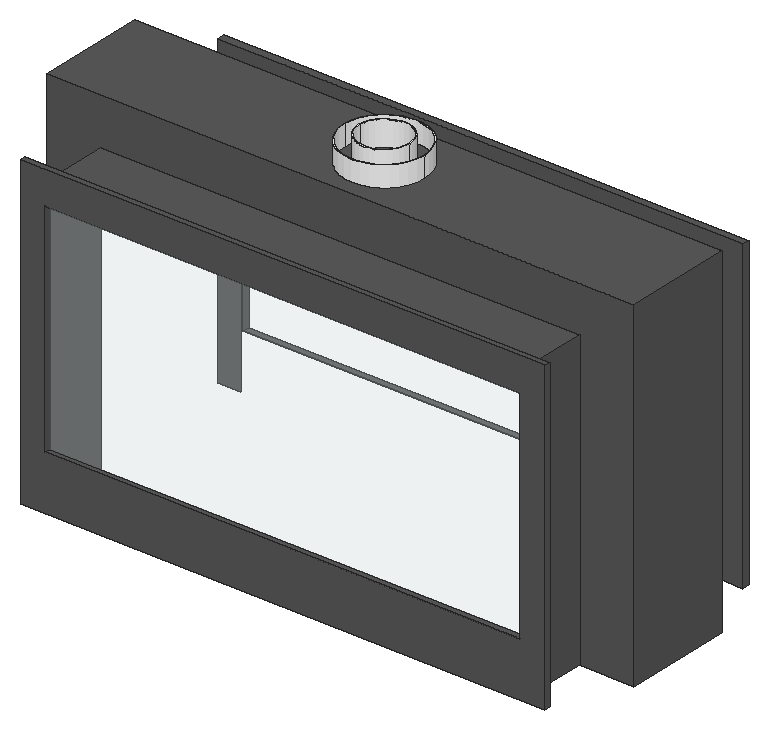
Revit family "L52-ST", category Generic Models, Revit 2019
Family settings
  Can host rebar = No
  Round Connector Dimension = Use Diameter
  Part Type = Normal
  Work Plane-Based = No
  Always vertical = Yes
  Cut with Voids When Loaded = No
  Shared = No
  Room Calculation Point = No
Parameters
  Width = 12 5/16"
  URL = "https://www.montigo.com/"
  Model = ""
  Manufacturer Fax = ""
  Manufacturer Website = "https://www.montigo.com/"
  Manufacturer Phone - Toll Free = "800-378-3115"
  Manufacturer Phone = ""
  Manufacturer Address = "27342 Gloucester Way  Langley, BC, Canada   V4W 4A1"
  Manufacturer = "Montigo"
  Length = 53 7/16"
  Keynote = ""
  Glazing Tint = Glass - Montigo - Tint as Specified
  Frame Material = Metal - Montigo - Black
  Firebox Material = Metal - Montigo - White
  Fire Place Length = 50 5/16"
  Fire Place Height = 24 1/2"
  Fire Place - Opening = 16 9/16"
  Description = "Montigo Fireplace as Specified"
  Base Height = 6 9/16"
Reference planes (in)
  plane 1 "Center (Front/Back)": y = 0
  plane 2: z = 0
  plane 3 "Center (Left/Right)": x = 0
Forms (in)
  Extrusion 1, solid, material "Metal - Montigo - Black" <- "Frame Material"
    sketch origin (0, 0, 0) x (1, 0, 0) y (0, 1, 0)
      loop
        line (-23.672, 11.88935) -> (-23.672, -11.92065) -> (23.672, -11.92065) -> (23.672, 11.88935) -> (-23.672, 11.88935)
    from 0 to 29.25
  Extrusion 2, solid, material "Metal - Montigo - Black" <- "Frame Material"
    sketch origin (0, 0, 0) x (1, 0, 0) y (0, 1, 0)
      loop
        line (-29.091, 5.4545) -> (-29.091, -5.4365) -> (29.091, -5.4365) -> (29.091, 5.4545) -> (-29.091, 5.4545)
    from 0 to 33.875
  Extrusion 3, solid, material "Metal - Montigo - Black" <- "Frame Material"
    sketch origin (0, 0, 0) x (1, 0, 0) y (0, 1, 0)
      loop
        line (-25.97, 11.88935) -> (25.97, 11.88935) -> (25.97, 12.57495) -> (-25.97, 12.57495) -> (-25.97, 11.88935)
    from 0 to 30.53075
  Extrusion 4, solid, material "Metal - Montigo - Black" <- "Frame Material"
    sketch origin (0, 0, 0) x (1, 0, 0) y (0, 1, 0)
      loop
        line (-25.97, -12) -> (-25.97, -12.57495) -> (25.97, -12.57495) -> (25.97, -12) -> (-25.97, -12)
    from 0 to 30.53075
  Extrusion 5, void
    sketch origin (42.25, -6.4375, 0) x (-1, 0, 0) y (0, 0, -1)
      loop
        line (65.75, -27.25) -> (65.75, -5.4375) -> (18.75, -5.4375) -> (18.75, -27.25) -> (65.75, -27.25)
    from 5.48315 to 12
  Extrusion 6, void
    sketch origin (42.25, 6.4375, 0) x (-1, 0, 0) y (0, 0, 1)
      loop
        line (65.75, 27.25) -> (18.75, 27.25) -> (18.75, 5.4375) -> (65.75, 5.4375) -> (65.75, 27.25)
    from 5.48315 to 12
Cuts and joins
  Extrusion 5, Extrusion 6 cuts Extrusion 1
  Extrusion 5, Extrusion 6 cuts Extrusion 2
  Extrusion 5, Extrusion 6 cuts Extrusion 3
  Extrusion 5, Extrusion 6 cuts Extrusion 4
  joined: Extrusion 1, Extrusion 2, Extrusion 3, Extrusion 4
Dimensions and locks (in)
  Extrusion 3 to Extrusion 3 = 51.94"
  cut or joined group of Extrusion 1, Extrusion 2, Extrusion 3, Extrusion 4, Extrusion 5, Extrusion 6 to cut or joined group of Extrusion 1, Extrusion 2, Extrusion 3, Extrusion 4, Extrusion 5, Extrusion 6 = 33 7/8"
  aligned and locked: level to plane 2
  aligned and locked: nested 2 to plane 1 "Center (Front/Back)"
  aligned and locked: nested 1 to plane 1 "Center (Front/Back)"
Nested families (in)
  nested 1: "Duct Dia" at (0, 0, 33.875) x (-1, 0, 0) z (0, 0, 1), type "5""
    with Intake Duct Dia 5", Intake Diameter 4 7/8", Height 2 1/2"
  nested 2: "Duct Dia" at (0, 0, 33.875) x (-1, 0, 0) z (0, 0, 1), type "8""
    with Intake Duct Dia 8", Intake Diameter 7 7/8", Height 2"
Connectors (in)
  hvac at (0, 0, 36.375)
    settings: on nested 1, index 2, duct flow 0.0 L/s, flow factor 0, pres drop 0.0 Pa, loss coef 0, conn angle 0.00°, conn width 304.8 mm, conn height 304.8 mm, conn diameter 127 mm, duct sys type 3, conn prof type 0, flow config 0, flow direction 0, loss method 0, conn ref index -1, conn util no, is conn primary yes, conn desc ""
  hvac at (0, 0, 35.875)
    settings: on nested 2, index 3, duct flow 0.0 L/s, flow factor 0, pres drop 0.0 Pa, loss coef 0, conn angle 0.00°, conn width 304.8 mm, conn height 304.8 mm, conn diameter 203.2 mm, duct sys type 3, conn prof type 0, flow config 0, flow direction 0, loss method 0, conn ref index -1, conn util no, is conn primary no, conn desc ""
Definition of nested family "Duct Dia"
  Parameters (values of type "15 7/8" Dia.")
    Intake Duct Dia = 15 7/8"
    Intake Diameter = Intake Duct Dia - 1/8"  # 15 3/4"
    Height = 4"
    Firebox Material = none
    Default Elevation = 48"
  Types (12): name | Intake Duct Dia | Intake Diameter | Height
    9 7/8" Dia. | 9 7/8" | 9 3/4" | 4"
    7 7/8" Dia | 7 7/8" | 7 3/4" | 4"
    8 1/8" Dia | 8 1/8" | 8" | 1/4"
    11 3/4" Dia | 11 3/4" | 11 5/8" | 4"
    4" Dia | 10" | 9 7/8" | 4"
    7 3/4" Dia | 7 3/4" | 7 5/8" | 4"
    6 7/8" Dia | 6 7/8" | 6 3/4" | 1/4"
    9 3/4" Dia. | 9 3/4" | 9 5/8" | 4"
    7 1/8" Dia | 7 1/8" | 7" | 1/4"
    11 7/8" Dia. | 11 7/8" | 11 3/4" | 4"
    13 7/8" Dia. | 13 7/8" | 13 3/4" | 4"
    15 7/8" Dia. | 15 7/8" | 15 3/4" | 4"
  Reference planes (in)
    plane 1 "Center (Front/Back)": y = 0
    plane 2: z = 0
    plane 3 "Center (Left/Right)": x = 0
    plane 4: z = 4
  Forms (in)
    Extrusion 1, solid
      sketch origin (0, 0, 0) x (1, 0, 0) y (0, 1, 0)
        loop
          line (-48, 48) -> (-48, -48) -> (48, -48) -> (48, 48) -> (-48, 48)
      from 0 to -12
    Extrusion 2, solid, material <- "Firebox Material"
      sketch origin (0, 0, 0) x (1, 0, 0) y (0, 1, 0)
        loop
          circle (0, 0) r 7.9375
        loop
          circle (0, 0) r 7.875
      from 0 to 4
  Dimensions and locks (in)
    "Height": plane 4 to level
    "Intake Duct Dia": diameter of Extrusion 2 sketch curve
    "Intake Diameter": diameter of Extrusion 2 sketch curve
    aligned and locked: plane 2 to Extrusion 1
    aligned and locked: level to Extrusion 1
    aligned and locked: plane 4 to Extrusion 2
  Automatic sketch dimensions
    Extrusion 1 sketch curve to Extrusion 1 sketch curve = 96"  (x2)
    Extrusion 2 sketch curve to Extrusion 2 sketch curve = 0"  (x2)
    plane 1 "Center (Front/Back)" to Extrusion 2 sketch curve = 0"
    Extrusion 2 sketch curve to plane 3 "Center (Left/Right)" = 0"
